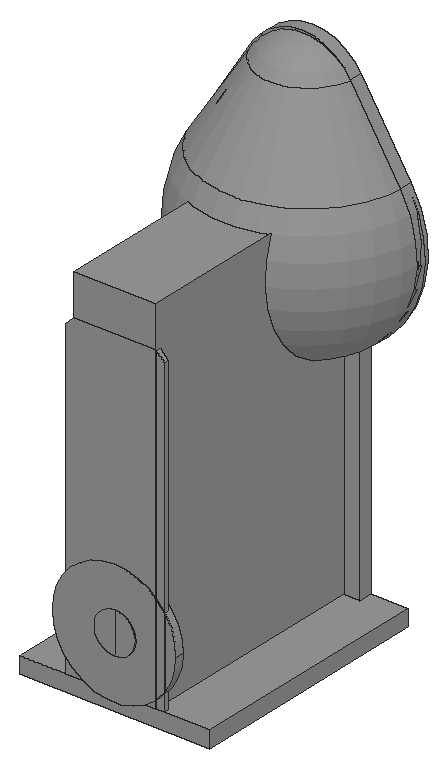
Revit family "Toilet-Willoughby-1490-ETF-FM-TS", category Plumbing Fixtures, host Face, Revit 2014
Parameters (values of type "Standard")
  Waste DIA = 2 1/2"
  Waste Connection = yes
  W-RAD [instance] = Waste DIA / 2  # 0' - 1 1/4"
  Vent Connection = no
  URL = "www.willoughby-ind.com"
  Type Comments = ""
  Revision = "A"
  Model = "ETF-1490-FM-TS"
  Manufacturer = "Willoughby Industries"
  HW Connection = no
  Flush inlet DIA = 1 1/2"
  Fixture Body = Stainless Steel AISI 304-Willoughby
  F-RAD [instance] = Flush inlet DIA / 2  # 0' - 0 3/4"
  Description = "Floor Mounted Toilet"
  Default Elevation = 0' - 0"
  Contact Number = "(800) 428-4065"
  CW Connection = yes
Reference planes (in)
  plane 1 "Base": y = -16.25
  plane 2: z = 0
  plane 3 "Center": x = 18.31072
  plane 4 "Waste height": y = -4.75
  plane 5: y = -1.25
  plane 6: z = -6.75
  plane 7: y = -2.125
  plane 8: y = -14.0625
  plane 9: y = 0.5
  plane 10: x = 16.56072
  plane 11: x = 20.06072
  plane 12: x = 11.56072
  plane 13: x = 25.06072
  plane 14: z = 23
  plane 15: z = 30.75
  plane 16: x = 15.81072
  plane 17: x = 20.81072
  plane 18: x = 15.81072
  plane 19: x = 20.81072
  plane 20: z = 4.25
  plane 21: x = 12.56072
  plane 22: x = 24.06072
  plane 23: z = 2.75
Forms (in)
  Extrusion 1, solid, material "Stainless Steel AISI 304-Willoughby" <- "Fixture Body"
    sketch origin (16.08109, 7.47968, -2.20225) x (-1, 0, 0) y (0, 0, -1)
      loop
        line (1.29775, -16.80087) -> (1.29775, -3.20225) -> (-5.72963, -3.20225) -> (-5.72963, -16.81676)
        arc (-5.72963, -16.81676) -> (-8.98136, -21.11843) -> (-8.21015, -26.45542) r 7
        line (-8.21015, -26.45542) -> (-5.16818, -31.31054)
        arc (-5.16818, -31.31054) -> (-2.20225, -32.95225) -> (0.76368, -31.31054) r 3.5
        line (0.76368, -31.31054) -> (3.80565, -26.45542)
        arc (3.80565, -26.45542) -> (4.5729, -21.10311) -> (1.29775, -16.80087) r 7
      loop
        arc (2.03989, -24.70557) -> (-2.20225, -18.23804) -> (-6.44438, -24.70557) r 4.625
        line (-6.44438, -24.70557) -> (-4.04125, -30.23842)
        arc (-4.04125, -30.23842) -> (-2.20225, -31.45225) -> (-0.36324, -30.23842) r 2
        line (-0.36324, -30.23842) -> (2.03989, -24.70557)
    from 8.72968 to 9.5
  Revolve 2, solid, material "Stainless Steel AISI 304-Willoughby" <- "Fixture Body"
    sketch origin (19.37246, -1.52032, 1.00169) x (-1, 0, 0) y (0, 0, -1)
      loop
        line (1.06174, -12.59906) -> (1.06174, -12.84906)
        arc (1.06174, -12.84906) -> (6.91177, -17.54136) -> (5.58904, -24.92315) r 7.34171
        line (5.58904, -24.92315) -> (3.81535, -27.91457)
        arc (3.81535, -27.91457) -> (2.63527, -29.03194) -> (1.06174, -29.43826) r 3.25
        line (1.06174, -29.43826) -> (1.06174, -29.68826)
        arc (1.06174, -29.68826) -> (2.75672, -29.25045) -> (4.02767, -28.04656) r 3.5
        line (4.02767, -28.04656) -> (7.06964, -23.19143)
        arc (7.06964, -23.19143) -> (7.15052, -16.14555) -> (1.06174, -12.59906) r 7
      axis (1.06174, -12.59906) -> (1.06174, -29.68826)
    angle from 0 to -180
  Extrusion 3, solid, material "Stainless Steel AISI 304-Willoughby" <- "Fixture Body"
    sketch origin (19.53334, -3.02032, -4.9508) x (0, 1, 0) y (0, 0, 1)
      loop
        line (-4.42257, 4.9508) -> (1.02643, 4.9508) -> (1.02643, 18.97156)
        arc (1.02643, 18.97156) -> (-2.31062, 20.32275) -> (-4.42257, 23.23845) r 6.52287
        line (-4.42257, 23.23845) -> (-4.42257, 4.9508)
    from 1.27686 to -3.72262
  Extrusion 4, solid, material "Stainless Steel AISI 304-Willoughby" <- "Fixture Body"
    sketch origin (0, -16.25, 0) x (1, 0, 0) y (0, 0, 1)
      loop
        line (24.06072, 0) -> (24.06072, 1) -> (12.56072, 1) -> (12.56072, 0) -> (24.06072, 0)
    from -15 to 0
  Extrusion 5, solid, material "Stainless Steel AISI 304-Willoughby" <- "Fixture Body"
    sketch origin (0, -16.25, 0) x (1, 0, 0) y (0, 0, 1)
      loop
        line (20.81072, 0) -> (20.81072, 23) -> (15.81072, 23) -> (15.81072, 0) -> (20.81072, 0)
    from 0 to -8.80711
  Revolve 6, solid, material "Stainless Steel AISI 304-Willoughby" <- "Fixture Body"
    sketch origin (18.31072, 0, 0) x (0, 1, 0) y (0, 0, 1)
      loop
        line (-16.25195, 4.25) -> (-14.75, 4.25) -> (-14.75, 5.5) -> (-16.25195, 5.5) -> (-16.25195, 4.25)
      axis (-14.75, 4.25) -> (-16.25195, 4.25)
    angle from 0 to 360
  Revolve 7, solid, material "Stainless Steel AISI 304-Willoughby" <- "Fixture Body"
    sketch origin (18.31072, 0, 0) x (0, 1, 0) y (0, 0, 1)
      loop
        line (-1.25011, 2.75) -> (-1.25011, 3.5) -> (-3, 3.5) -> (-3, 2.75) -> (-1.25011, 2.75)
      axis (-1.25011, 2.75) -> (-3, 2.75)
    angle from 0 to 360
  Extrusion 8, solid, material "Stainless Steel AISI 304-Willoughby" <- "Fixture Body"
    sketch origin (0, -16.25, 0) x (1, 0, 0) y (0, 0, 1)
      loop
        circle (18.26817, 4.22179) r 3.75
    from 0 to -0.5
  Extrusion 9, solid, material "Stainless Steel AISI 304-Willoughby" <- "Fixture Body"
    sketch origin (0, -16.25, 0) x (1, 0, 0) y (0, 0, 1)
      loop
        line (20.81072, 1) -> (21.31072, 1) -> (21.31072, 20) -> (20.81072, 20.5) -> (15.81072, 20.5) -> (15.31072, 20) -> (15.31072, 1) -> (15.81072, 1) -> (20.81072, 1)
    from 0 to -0.25
Cuts and joins
  joined: Extrusion 1, Extrusion 3, Extrusion 4, Extrusion 5
Lines and regions (in)
  model lines, detail levels coarse+medium
    curve 1: line (13.81072, -16.25, 0) -> (22.81072, -16.25, 0)
    curve 2: line (22.81072, -16.25, 1) -> (13.81072, -16.25, 1)
  symbolic lines, style "PlumbingFixtures"
    curve 3: line (18.31072, -1.25, 5) -> (18.31072, -1.25, 25.81005)
  symbolic lines
    curve 4: line (11.28334, -1.25, 0) -> (25.28334, -1.25, 0)
    curve 5: line (25.28334, -1.25, 0) -> (25.28334, -2.02032, 0)
    curve 6: line (11.28334, -1.25, 0) -> (11.28334, -2.02032, 0)
    curve 7: arc (11.28334, -2.02032, 0) -> (13.53774, -6.64732, 0) -> (18.31072, -8.57346, 0) r 7.17351
    curve 8: arc (18.31072, -8.57346, 0) -> (23.07813, -6.66, 0) -> (25.28334, -2.02032, 0) r 7.05363
    curve 9: line (15.81072, -8.07914, 0) -> (15.81072, -15.75, 0)
    curve 10: line (12.56072, -5.52527, 0) -> (12.56072, -16.25, 0)
    curve 11: line (12.56072, -16.25, 0) -> (24.06072, -16.25, 0)
    curve 12: line (24.06072, -16.25, 0) -> (24.06072, -5.51508, 0)
    curve 13: line (20.81072, -8.09152, 0) -> (20.81072, -16.25, 0)
    curve 14: line (12.56072, -16.25, 0) -> (24.06072, -16.25, 0)
    curve 15: line (24.06072, -16.25, 0) -> (24.06072, -16.25, 1)
    curve 16: line (24.06072, -16.25, 1) -> (21.81072, -16.25, 1)
    curve 17: line (21.81072, -16.25, 1) -> (21.81072, -16.25, 14.61451)
    curve 18: line (14.78334, -16.25, 14.59862) -> (14.78334, -16.25, 1)
    curve 19: line (14.78334, -16.25, 1) -> (12.56072, -16.25, 1)
    curve 20: line (12.56072, -16.25, 1) -> (12.56072, -16.25, 0)
    curve 21: arc (21.81072, -16.25, 14.61451) -> (25.06245, -16.25, 18.91618) -> (24.29124, -16.25, 24.25317) r 7
    curve 22: line (24.29124, -16.25, 24.25317) -> (21.24927, -16.25, 29.1083)
    curve 23: arc (21.24927, -16.25, 29.1083) -> (18.28334, -16.25, 30.75) -> (15.31741, -16.25, 29.1083) r 3.5
    curve 24: line (15.31741, -16.25, 29.1083) -> (12.35249, -16.25, 24.379)
    curve 25: arc (12.35249, -16.25, 24.379) -> (11.49002, -16.25, 18.97236) -> (14.78334, -16.25, 14.59862) r 7
    curve 30: line (18.31072, -1.25, 0) -> (18.31072, -1.25, 30.75)
    curve 31: line (18.31072, -1.25, 30.75) -> (18.31072, -2.02032, 30.75)
    curve 32: arc (18.31072, -2.02032, 30.75) -> (18.31072, -3.19741, 30.282) -> (18.31072, -4.16324, 29.4624) r 3.9118
    curve 33: line (18.31072, -4.16324, 29.4624) -> (18.31072, -7.52822, 24.19312)
    curve 34: arc (18.31072, -7.52822, 24.19312) -> (18.31072, -7.84583, 23.61494) -> (18.31072, -8.08458, 23) r 5.00151
    curve 35: line (18.31072, -7.5932, 23) -> (18.31072, -16.25, 23)
    curve 36: line (18.31072, -16.25, 23) -> (18.31072, -16.25, 0)
    curve 37: line (18.31072, -16.25, 0) -> (18.31072, -1.25, 0)
    curve 38: line (18.31072, -2.125, 0) -> (18.31072, -2.125, 14)
    curve 39: arc (18.31072, -2.125, 14) -> (18.31072, -7.03014, 17.18092) -> (18.31072, -7.5932, 23) r 6.72716
    curve 40: arc (21.81072, -16.25, 5.45177) -> (22.01817, -16.25, 4.22179) -> (21.81072, -16.25, 2.99181) r 3.75
    curve 41: arc (14.78334, -16.25, 5.60687) -> (14.51817, -16.25, 4.22179) -> (14.78334, -16.25, 2.83672) r 3.75
  symbolic lines, detail levels fine
    curve 26: arc (14.0412, -16.25, 22.50332) -> (18.28334, -16.25, 16.0358) -> (22.52547, -16.25, 22.50332) r 4.625
    curve 27: line (22.52547, -16.25, 22.50332) -> (20.12234, -16.25, 28.03617)
    curve 28: arc (20.12234, -16.25, 28.03617) -> (18.28334, -16.25, 29.2424) -> (16.44433, -16.25, 28.03617) r 2.00498
    curve 29: line (16.44433, -16.25, 28.03617) -> (14.0412, -16.25, 22.50332)
Dimensions and locks (in)
  plane 1 "Base" to plane 5 = 1' - 3"
  level to plane 15 = 2' - 6 3/4"
  plane 21 to plane 22 = 0' - 11 1/2"  (x2)
  plane 13 to plane 22 = 0' - 1"
  level to plane 20 = 0' - 4 1/4"
  plane 21 to plane 3 "Center" = 0' - 5 3/4"
  level to plane 23 = 0' - 2 3/4"
  plane 18 to plane 19 = 0' - 5"
  aligned and locked: plane 2 to host face
  aligned and locked: level to host face
Connectors (in)
  piping at (18.31072, -16.25195, 4.25), diameter 2.5, driven by "W-RAD", driven by "Waste Connection"
    settings: on Revolve 6, index 4, connector inside diameter 24", connector length 0' - 0", flow factor 0, pipe flow 0 GPM, pressure drop 0.00 psi, fitting loss kfactor 0, connector angle 0.00°, fixture units 0, engagement length 0' - 0", angle of deflection 0.00°, flow configuration 0, flow direction 2, fitting loss method 0, system type 16, joint type 0, gender type 0, connector reference index -1, connector utility 1, adjustable connector no, is connector primary yes, connector description "Toilet Waste"
  piping at (18.31072, -1.25011, 2.75), diameter 1.5, driven by "F-RAD", driven by "CW Connection"
    settings: on Revolve 7, index 5, connector inside diameter 24", connector length 0' - 0", flow factor 0, pipe flow 0 GPM, pressure drop 0.00 psi, fitting loss kfactor 0, connector angle 0.00°, fixture units 0, engagement length 0' - 0", angle of deflection 0.00°, flow configuration 0, flow direction 1, fitting loss method 0, system type 20, joint type 0, gender type 0, connector reference index -1, connector utility 1, adjustable connector no, is connector primary no, connector description "Flush Inlet"
